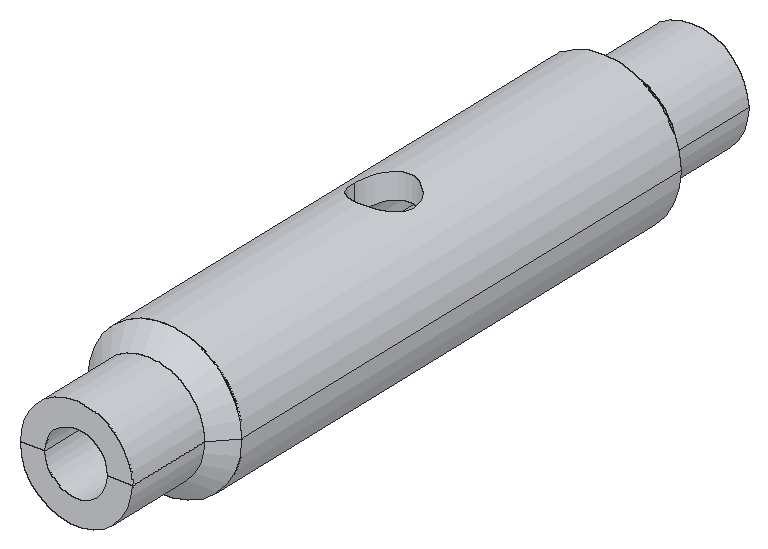
Revit family "CENTUM Spannschloss DIN1478 Stahl", category HLS-Bauteile, Revit 2017
Family settings
  Bemaßung runder Anschluss = Durchmesser verwenden
  Teiletyp = Normal
  Arbeitsebenenbasiert = Ja
  Immer vertikal = Nein
  Beim Laden mit Abzugskörper schneiden = Nein
  Gemeinsam genutzt = Ja
  Raumberechnungspunkt = Nein
Parameters (values of type "CENTUM Spannschloss DIN1478 Stahl M12")
  vpe = "1 St"
  max. zul. Last = 24.00 kN
  d3 = 12.5 mm
  d2 = 9.1 mm
  d1 = 5.1 mm
  Default Elevation = 1219.2 mm
  Regelhalter [instance] = ""
  Oberflaeche = "galvanisch verzinkt"
  Nachstellbarkeit = "90 mm"
  Mengeneinheit = "St"
  Material = "Stahl"
  M = 15 mm
  Länge = 125 mm
  Lochdurchmesser = "10 mm"
  L = 125 mm
  Kurztext2 = "M12 gvz"
  Kurztext1 = "Spannschloss geschlossen DIN 1478"
  Gewinde = "M12"
  Gewicht pro Bauteil = Gewicht  # 0.241 kg
  Gewicht = 0.241 kg
  Firma = "MEFA Befestigungs- und Montagesysteme GmbH"
  Fabrikat = "MEFA"
  EAN = "4250928449559"
  Außendurchmesser = 25 mm
  Artikelnummer = "1660007412"
Types (3, lengths in mm): name | max. zul. Last | d3 | d2 | d1 | Nachstellbarkeit | M | Länge | L | Kurztext2 | Gewinde | Gewicht pro Bauteil | Gewicht | EAN | Außendurchmesser | Artikelnummer
  (no name) | 24.00 kN | 12.5 | 9.1 | 5.1 | "90 mm" | 15 | 125 | 125 | "M12 gvz" | "M12" | 0.241 kg | 0.241 kg | "4250928449559" | 25 | "1660007412"
  CENTUM Spannschloss DIN1478 Stahl M12 | 24.00 kN | 12.5 | 9.1 | 5.1 | "90 mm" | 15 | 125 | 125 | "M12 gvz" | "M12" | 0.241 kg | 0.241 kg | "4250928449559" | 25 | "1660007412"
  CENTUM Spannschloss DIN1478 Stahl M16 | 44.00 kN | 15 | 11.5 | 7 | "120 mm" | 18 | 170 | 170 | "M16 gvz" | "M16" | 0.37 kg | 0.37 kg | "4250928449566" | 30 | "1660007416"
Reference planes
  plane 1 "Mitte (Vorne/hinten)": y = 0
  plane 2: z = 0
  plane 3 "Mitte (Links/rechts)": x = 0
Forms (mm)
  Revolve 1, solid
    sketch origin (0, 0, 0) x (1, 0, 0) y (0, 1, 0)
      loop
        line (5.1, 62.5) -> (5.1, 46.243) -> (8.5, 42.843) -> (8.5, -42.843) -> (5.1, -46.243) -> (5.1, -62.5) -> (9.1, -62.5) -> (9.1, -47.9) -> (12.5, -44.5) -> (12.5, 44.5) -> (9.1, 47.9) -> (9.1, 62.5) -> (5.1, 62.5)
      axis (0, 62.5) -> (0, -62.5)
    angle from 0 to 360
  Extrusion 2, void
    sketch origin (0, 0, 0) x (1, 0, 0) y (0, 1, 0)
      loop
        circle (0, 0) r 5
    from -20 to 20
Cuts and joins
  Extrusion 2 cuts Revolve 1
Lines and regions (mm)
  model lines
    curve 1: line (0, 62.5, 46.475) -> (0, 62.5, -53.525)
    curve 2: line (0, -62.5, 46.475) -> (0, -62.5, -53.525)
    curve 3: line (0, -113.353, 0) -> (0, 116.647, 0)
    curve 4: line (-45.801, 62.5, 0) -> (49.199, 62.5, 0)
    curve 5: line (-40.595, -62.5, 0) -> (49.199, -62.5, 0)
Dimensions and locks
  "d1": Revolve 1 sketch curve to Revolve 1 sketch curve  (x2)
  "d3": Revolve 1 sketch curve to Revolve 1 sketch curve
  "d2": Revolve 1 sketch curve to Revolve 1 sketch curve  (x2)
  "L": Revolve 1 sketch curve to Revolve 1 sketch curve
  equal spacing: Revolve 1 sketch curve, plane 1 "Mitte (Vorne/hinten)", Revolve 1 sketch curve
  aligned and locked: level to plane 2
  aligned and locked: curve 3 to level
  aligned and locked: curve 1 to cut or joined group of Revolve 1, Extrusion 2
  aligned and locked: curve 2 to cut or joined group of Revolve 1, Extrusion 2
  aligned and locked: curve 4 to cut or joined group of Revolve 1, Extrusion 2
  aligned and locked: curve 5 to cut or joined group of Revolve 1, Extrusion 2
Automatic sketch dimensions
  plane 1 "Mitte (Vorne/hinten)" to Extrusion 2 sketch curve = 0 mm
  Extrusion 2 sketch curve to plane 3 "Mitte (Links/rechts)" = 0 mm
  curve 3 to curve 2 = 50.853 mm
  curve 1 to curve 3 = 54.147 mm
  curve 2 to level = 53.525 mm
  curve 1 to level = 53.525 mm
  curve 3 to curve 2 = 46.475 mm
  level to curve 1 = 46.475 mm
  curve 4 to plane 3 "Mitte (Links/rechts)" = 45.801 mm
  curve 5 to plane 3 "Mitte (Links/rechts)" = 40.595 mm
  plane 3 "Mitte (Links/rechts)" to curve 5 = 49.199 mm
  plane 3 "Mitte (Links/rechts)" to curve 4 = 49.199 mm
  Revolve 1 sketch curve to plane 3 "Mitte (Links/rechts)" = 0 mm
  Revolve 1 sketch curve to Revolve 1 sketch curve = 4 mm
  Revolve 1 sketch curve to Revolve 1 sketch curve = 14.6 mm
  Revolve 1 sketch curve to Revolve 1 sketch curve = 1.657 mm  (x4)
  Revolve 1 sketch curve to Revolve 1 sketch curve = 3.4 mm  (x2)
  Revolve 1 sketch curve to Revolve 1 sketch curve = 19.657 mm
  Revolve 1 sketch curve to Revolve 1 sketch curve = 25 mm
  Revolve 1 sketch curve to Revolve 1 sketch curve = 20 mm
  radius of Extrusion 2 sketch curve = 5 mm
